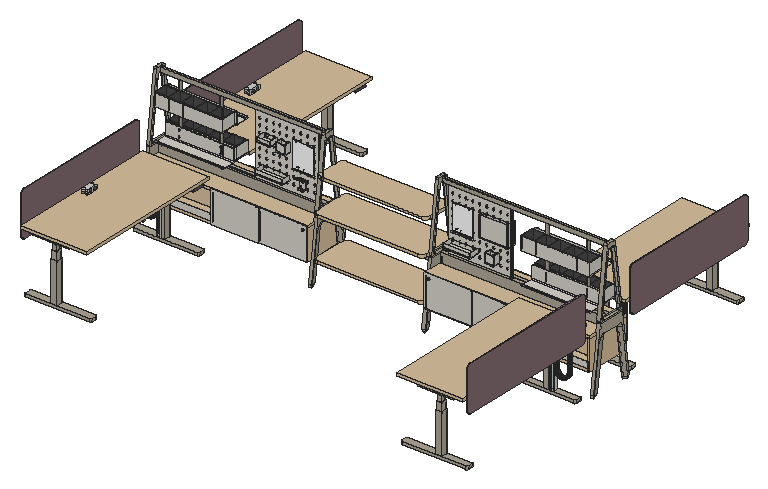
Revit family "Layout-Teknion-Expansion_Cityline_Upper_Structure_01-R2021", category Furniture Systems, Revit 2021 (continued)
Definition of nested family "Worksurface-Teknion-JNXRW_hiSpace_Rectangular_Worksurface_With_Quick_Connect_Kit-R2021"
  Dimensions and locks (in)
    Sweep 13 sketch curve to Sweep 13 sketch curve to Sweep 13 sketch curve to Sweep 13 sketch curve = 0.07087" locked, 1.75276" locked, 0.07087" locked
    plane 6 "Back" to Sweep 13 sketch curve to Sweep 13 sketch curve to Sweep 13 sketch curve to Sweep 13 sketch curve = 2.55472" locked, 0.07087" locked, 1.75276" locked, 0.07087" locked
    locked: Sweep 14 sketch curve to plane 8 "Top" at 5
    "Cut-Out - Diamond Center": Sweep 14 sketch curve to Sweep 14 sketch curve
    Sweep 14 sketch curve to Sweep 14 sketch curve to plane 3 "Center Left/Right" to Sweep 14 sketch curve to Sweep 14 sketch curve = 1.85026" locked, 0.29194" locked, 0.29194" locked, 1.85026" locked  (x2)
    plane 6 "Back" to Sweep 14 sketch curve to Sweep 14 sketch curve to Sweep 14 sketch curve to Sweep 14 sketch curve = 2.47576" locked, 0.52636" locked, 0.9997" locked, 0.52636" locked  (x2)
    locked: Sweep 15 sketch curve to plane 8 "Top" at 5
    "Cut-Out - Diamond Left": Sweep 15 sketch curve to Sweep 15 sketch curve
    plane 6 "Back" to Sweep 15 sketch curve to Sweep 15 sketch curve to Sweep 15 sketch curve to Sweep 15 sketch curve = 2.47576" locked, 0.52636" locked, 0.9997" locked, 0.52636" locked  (x2)
    Sweep 15 sketch curve to Sweep 15 sketch curve to Sweep 15 sketch curve to Sweep 15 sketch curve = 1.85026" locked, 0.58387" locked, 1.85026" locked  (x2)
    Sweep 12 sketch curve to Sweep 12 sketch curve to Sweep 12 sketch curve to Sweep 12 sketch curve = 0.07087" locked, 1.75276" locked, 0.07087" locked
    plane 6 "Back" to Sweep 12 sketch curve to Sweep 12 sketch curve to Sweep 12 sketch curve to Sweep 12 sketch curve = 2.55472" locked, 0.07087" locked, 1.75276" locked, 0.07087" locked
    locked: Sweep 16 sketch curve to plane 8 "Top" at 5
    "Cut-Out - Diamond Right": Sweep 16 sketch curve to Sweep 16 sketch curve
    Sweep 16 sketch curve to Sweep 16 sketch curve to Sweep 16 sketch curve to Sweep 16 sketch curve = 1.85026" locked, 0.58387" locked, 1.85026" locked  (x2)
    plane 6 "Back" to Sweep 16 sketch curve to Sweep 16 sketch curve to Sweep 16 sketch curve to Sweep 16 sketch curve = 2.47576" locked, 0.52636" locked, 0.9997" locked, 0.52636" locked  (x2)
    "Square Cut-Out - Distance": plane 4 "Left" to Sweep 9 sketch curve
    "Square Cut-Out - Distance": plane 4 "Left" to Sweep 13 sketch curve
    "Square Cut-Out - Distance": Sweep 8 sketch curve to plane 5 "Right"
    "Square Cut-Out - Distance": Sweep 12 sketch curve to plane 5 "Right"
    "Diamond Cut-Out - Distance": plane 4 "Left" to Sweep 15 sketch curve
    "Diamond Cut-Out - Distance": Sweep 16 sketch curve to plane 5 "Right"
    equal spacing: Sweep 13, nested 7, Sweep 13, locked at 0.87638 each  (x2)
    equal spacing: Sweep 11, nested 9, Sweep 11, locked at 0.87638 each
    equal spacing: Sweep 12, nested 8, Sweep 12, locked at 0.87638 each  (x2)
    aligned and locked: level to plane 2
    aligned and locked: Sweep 1 sketch curve to plane 3 "Center Left/Right"
    aligned and locked: plane 8 "Top" to Sweep 1 sketch curve
    aligned and locked: plane 11 to Sweep 1 sketch curve
    aligned and locked: plane 6 "Back" to Sweep 1 sketch curve
    aligned and locked: plane 4 "Left" to Sweep 1 sketch curve
    aligned and locked: Sweep 1 sketch curve to plane 7 "Front"
    aligned and locked: Sweep 1 sketch curve to plane 5 "Right"
    aligned and locked: Sweep 2 sketch curve to plane 1 "Center Front/Back"
    aligned and locked: Sweep 2 sketch curve to plane 11
    aligned and locked: plane 11 to Sweep 2 sketch curve
    aligned and locked: Sweep 3 sketch curve to plane 3 "Center Left/Right"
    aligned and locked: plane 11 to Sweep 3 sketch curve
    aligned and locked: Sweep 4 sketch curve to plane 1 "Center Front/Back"
    aligned and locked: Sweep 4 sketch curve to plane 11  (x2)
    aligned and locked: Sweep 3 sketch curve to plane 9
    aligned and locked: plane 10 to Sweep 3 sketch curve
    aligned and locked: plane 1 "Center Front/Back" to Sweep 5 sketch curve
    aligned and locked: Sweep 5 sketch curve to plane 11  (x2)
    aligned and locked: plane 3 "Center Left/Right" to Sweep 6 sketch curve
    aligned and locked: plane 11 to Sweep 6 sketch curve
    aligned and locked: Sweep 6 sketch curve to Sweep 6 sketch curve  (x2)
    aligned and locked: Sweep 7 sketch curve to plane 3 "Center Left/Right"
    aligned and locked: plane 8 "Top" to Sweep 7 sketch curve
    aligned and locked: plane 11 to Sweep 7 sketch curve
    aligned and locked: plane 7 "Front" to Sweep 7 sketch curve
    aligned and locked: Sweep 7 sketch curve to plane 5 "Right"
    aligned and locked: plane 6 "Back" to Sweep 7 sketch curve
    aligned and locked: Sweep 7 sketch curve to plane 4 "Left"
    aligned and locked: Sweep 8 sketch curve to plane 3 "Center Left/Right"
    aligned and locked: Sweep 9 sketch curve to plane 3 "Center Left/Right"
    aligned and locked: Sweep 10 sketch curve to plane 3 "Center Left/Right"
    aligned and locked: Sweep 11 sketch curve to plane 3 "Center Left/Right"
    aligned and locked: plane 8 "Top" to Sweep 11 sketch curve
    aligned and locked: plane 8 "Top" to Sweep 12 sketch curve
    aligned and locked: plane 8 "Top" to Sweep 13 sketch curve
    aligned and locked: Sweep 14 sketch curve to plane 3 "Center Left/Right"
    aligned and locked: Sweep 15 sketch curve to plane 3 "Center Left/Right"
    aligned and locked: plane 4 "Left" to Sweep 13 sketch curve
    aligned and locked: Sweep 12 sketch curve to plane 5 "Right"
    aligned and locked: Sweep 16 sketch curve to plane 3 "Center Left/Right"
    aligned and locked: curve 2 to Sweep 9
    aligned and locked: curve 4 to Sweep 9
    aligned and locked: curve 6 to Sweep 9
    aligned and locked: curve 8 to Sweep 9
    aligned and locked: curve 10 to Sweep 10
    aligned and locked: curve 12 to Sweep 10
    aligned and locked: curve 14 to Sweep 10
    aligned and locked: curve 16 to Sweep 10
    aligned and locked: curve 18 to Sweep 8
    aligned and locked: curve 20 to Sweep 8
    aligned and locked: curve 22 to Sweep 8
    aligned and locked: curve 24 to Sweep 8
    aligned and locked: curve 25 to Sweep 3
    aligned and locked: curve 26 to Sweep 3
    aligned and locked: curve 27 to Sweep 3
    aligned and locked: curve 28 to Sweep 3
    aligned and locked: curve 29 to Sweep 3
    aligned and locked: curve 30 to Sweep 4
    aligned and locked: Sweep 4 to curve 31
    aligned and locked: curve 32 to Sweep 4
    aligned and locked: curve 33 to Sweep 4
    aligned and locked: curve 34 to Sweep 4
    aligned and locked: curve 35 to Sweep 4
    aligned and locked: curve 36 to Sweep 6
    aligned and locked: curve 37 to Sweep 6
    aligned and locked: curve 38 to Sweep 6
    aligned and locked: curve 39 to Sweep 6
    aligned and locked: curve 40 to Sweep 3
    aligned and locked: curve 41 to Sweep 3
    aligned and locked: curve 42 to Sweep 3
    aligned and locked: curve 43 to Sweep 3
    aligned and locked: Sweep 3 to curve 44
    aligned and locked: curve 45 to Sweep 5
    aligned and locked: curve 46 to Sweep 5
    aligned and locked: Sweep 5 to curve 47
    aligned and locked: curve 48 to Sweep 5
    aligned and locked: curve 49 to Sweep 5
    aligned and locked: curve 50 to Sweep 5
    aligned and locked: curve 51 to Sweep 6
    aligned and locked: curve 52 to Sweep 6
    aligned and locked: curve 53 to Sweep 6
    aligned and locked: curve 54 to Sweep 6
    aligned and locked: curve 55 to Sweep 2
    aligned and locked: curve 56 to Sweep 2
    aligned and locked: curve 57 to Sweep 2
    aligned and locked: curve 58 to Sweep 2
    aligned and locked: curve 59 to Sweep 2
    aligned and locked: Sweep 2 to curve 61
    aligned and locked: curve 62 to Sweep 2
    aligned and locked: curve 63 to Sweep 2
    aligned and locked: curve 64 to Sweep 2
    aligned and locked: curve 60 to Sweep 2
    aligned and locked: Masking region 1 sketch curve to cut or joined group of Sweep 1, Sweep 8, Sweep 9, Sweep 10, Sweep 14, Sweep 15, Sweep 16  (x4)
    aligned and locked: Masking region 2 sketch curve to cut or joined group of Sweep 7, Sweep 8, Sweep 9, Sweep 10, Sweep 14, Sweep 15, Sweep 16  (x4)
    aligned and locked: Masking region 3 sketch curve to cut or joined group of Sweep 1, Sweep 8, Sweep 9, Sweep 10, Sweep 14, Sweep 15, Sweep 16  (x4)
    aligned and locked: Masking region 3 sketch curve to Sweep 11  (x4)
    aligned and locked: Masking region 4 sketch curve to cut or joined group of Sweep 7, Sweep 8, Sweep 9, Sweep 10, Sweep 14, Sweep 15, Sweep 16  (x4)
    aligned and locked: Masking region 4 sketch curve to Sweep 11  (x4)
    aligned and locked: Masking region 5 sketch curve to cut or joined group of Sweep 1, Sweep 8, Sweep 9, Sweep 10, Sweep 14, Sweep 15, Sweep 16  (x4)
    aligned and locked: Masking region 5 sketch curve to Sweep 13  (x4)
    aligned and locked: Masking region 6 sketch curve to cut or joined group of Sweep 7, Sweep 8, Sweep 9, Sweep 10, Sweep 14, Sweep 15, Sweep 16  (x4)
    aligned and locked: Masking region 6 sketch curve to Sweep 13  (x4)
    aligned and locked: Masking region 7 sketch curve to cut or joined group of Sweep 1, Sweep 8, Sweep 9, Sweep 10, Sweep 14, Sweep 15, Sweep 16  (x4)
    aligned and locked: Masking region 7 sketch curve to Sweep 12  (x4)
    aligned and locked: Masking region 8 sketch curve to cut or joined group of Sweep 7, Sweep 8, Sweep 9, Sweep 10, Sweep 14, Sweep 15, Sweep 16  (x4)
    aligned and locked: Masking region 8 sketch curve to Sweep 12  (x4)
    aligned and locked: Masking region 9 sketch curve to cut or joined group of Sweep 1, Sweep 8, Sweep 9, Sweep 10, Sweep 14, Sweep 15, Sweep 16  (x4)
    aligned and locked: Masking region 9 sketch curve to Sweep 14  (x4)
    aligned and locked: Masking region 10 sketch curve to cut or joined group of Sweep 7, Sweep 8, Sweep 9, Sweep 10, Sweep 14, Sweep 15, Sweep 16  (x4)
    aligned and locked: Masking region 10 sketch curve to Sweep 14  (x4)
    aligned and locked: Masking region 11 sketch curve to cut or joined group of Sweep 1, Sweep 8, Sweep 9, Sweep 10, Sweep 14, Sweep 15, Sweep 16  (x4)
    aligned and locked: Masking region 11 sketch curve to Sweep 15  (x4)
    aligned and locked: Masking region 12 sketch curve to cut or joined group of Sweep 7, Sweep 8, Sweep 9, Sweep 10, Sweep 14, Sweep 15, Sweep 16  (x4)
    aligned and locked: Masking region 12 sketch curve to Sweep 15  (x4)
    aligned and locked: Masking region 13 sketch curve to cut or joined group of Sweep 1, Sweep 8, Sweep 9, Sweep 10, Sweep 14, Sweep 15, Sweep 16  (x4)
    aligned and locked: Masking region 13 sketch curve to Sweep 16  (x4)
    aligned and locked: Masking region 14 sketch curve to cut or joined group of Sweep 7, Sweep 8, Sweep 9, Sweep 10, Sweep 14, Sweep 15, Sweep 16  (x4)
    aligned and locked: Masking region 14 sketch curve to Sweep 16  (x4)
    aligned and locked: Masking region 15 sketch curve to cut or joined group of Sweep 1, Sweep 8, Sweep 9, Sweep 10, Sweep 14, Sweep 15, Sweep 16  (x4)
    aligned and locked: Masking region 15 sketch curve to Sweep 14  (x4)
    aligned and locked: Masking region 15 sketch curve to Sweep 13  (x4)
    aligned and locked: Masking region 16 sketch curve to cut or joined group of Sweep 7, Sweep 8, Sweep 9, Sweep 10, Sweep 14, Sweep 15, Sweep 16  (x4)
    aligned and locked: Masking region 16 sketch curve to Sweep 13  (x4)
    aligned and locked: Masking region 16 sketch curve to Sweep 14  (x4)
    aligned and locked: Masking region 17 sketch curve to cut or joined group of Sweep 1, Sweep 8, Sweep 9, Sweep 10, Sweep 14, Sweep 15, Sweep 16  (x4)
    aligned and locked: Masking region 17 sketch curve to Sweep 12  (x4)
    aligned and locked: Masking region 17 sketch curve to Sweep 14  (x4)
    aligned and locked: Masking region 18 sketch curve to Masking region 16  (x8)
    aligned and locked: Masking region 18 sketch curve to Masking region 17  (x4)
    aligned and locked: nested 1 to plane 6 "Back"
    aligned and locked: plane 4 "Left" to nested 1
    aligned and locked: plane 4 "Left" to nested 4
    aligned and locked: plane 7 "Front" to nested 4
    aligned and locked: plane 7 "Front" to nested 3
    aligned and locked: nested 3 to plane 5 "Right"
    aligned and locked: nested 2 to plane 5 "Right"
    aligned and locked: nested 2 to plane 6 "Back"
    aligned and locked: plane 3 "Center Left/Right" to nested 6
    aligned and locked: nested 6 to plane 6 "Back"
    aligned and locked: plane 1 "Center Front/Back" to nested 5
    aligned and locked: plane 3 "Center Left/Right" to nested 5
    aligned and locked: plane 3 "Center Left/Right" to nested 9
    aligned and locked: curve 65 to plane 6 "Back"
    aligned and locked: plane 5 "Right" to curve 66
    aligned and locked: plane 7 "Front" to curve 67
    aligned and locked: curve 68 to plane 4 "Left"
  Automatic sketch dimensions
    Sweep 3 sketch curve to Sweep 3 sketch curve = 0.11811"
    Sweep 8 sketch curve to Sweep 8 sketch curve = 0.36063"  (x4)
    Sweep 10 sketch curve to Sweep 10 sketch curve = 0.36063"  (x3)
    Sweep 10 sketch curve to Sweep 10 sketch curve = 0.000"
    Sweep 11 sketch curve to Sweep 11 sketch curve = 0.28976"  (x3)
    Sweep 11 sketch curve to Sweep 11 sketch curve = 0.000"  (x5)
    Sweep 13 sketch curve to Sweep 13 sketch curve = 0.000"  (x4)
    Sweep 13 sketch curve to Sweep 13 sketch curve = 0.28976"  (x4)
    Sweep 12 sketch curve to Sweep 12 sketch curve = 0.000"  (x4)
    Sweep 12 sketch curve to Sweep 12 sketch curve = 0.28976"  (x3)
    Sweep 12 sketch curve to Sweep 12 sketch curve = 1.17323"
    curve 50 to curve 53 = 1.5748"
    Sweep 9 sketch curve to Sweep 9 sketch curve = 0.36063"  (x4)
    Masking region 9 sketch curve to Masking region 9 sketch curve = 0.000"
    Masking region 9 sketch curve to Masking region 9 sketch curve = 0.1422"  (x3)
    Masking region 9 sketch curve to plane 3 "Center Left/Right" = 0.29194"  (x2)
    plane 3 "Center Left/Right" to Masking region 9 sketch curve = 0.29194"  (x2)
    Masking region 10 sketch curve to Masking region 10 sketch curve = 0.000"
    Masking region 10 sketch curve to Masking region 10 sketch curve = 0.1422"  (x3)
    Masking region 10 sketch curve to plane 3 "Center Left/Right" = 0.29194"  (x2)
    plane 3 "Center Left/Right" to Masking region 10 sketch curve = 0.29194"  (x2)
    Masking region 11 sketch curve to Masking region 11 sketch curve = 0.000"
    Masking region 11 sketch curve to Masking region 11 sketch curve = 0.1422"  (x3)
    Masking region 11 sketch curve to Masking region 11 sketch curve = 1.85026"
    Masking region 11 sketch curve to Masking region 11 sketch curve = 0.29194"
    Masking region 11 sketch curve to Masking region 11 sketch curve = 1.70806"
    Masking region 11 sketch curve to Masking region 11 sketch curve = 1.02621"
    Masking region 12 sketch curve to Masking region 12 sketch curve = 0.000"
    Masking region 12 sketch curve to Masking region 12 sketch curve = 0.1422"  (x3)
    Masking region 12 sketch curve to Masking region 12 sketch curve = 1.85026"
    Masking region 12 sketch curve to Masking region 12 sketch curve = 0.29194"
    Masking region 12 sketch curve to Masking region 12 sketch curve = 1.70806"
    Masking region 12 sketch curve to Masking region 12 sketch curve = 1.02621"
    Masking region 13 sketch curve to Masking region 13 sketch curve = 0.000"
    Masking region 13 sketch curve to Masking region 13 sketch curve = 0.1422"  (x3)
    Masking region 13 sketch curve to Masking region 13 sketch curve = 0.29194"
    Masking region 13 sketch curve to plane 6 "Back" = 2.47576"
    Masking region 13 sketch curve to Masking region 13 sketch curve = 1.70806"
    Masking region 13 sketch curve to Masking region 13 sketch curve = 1.02621"
    Masking region 14 sketch curve to Masking region 14 sketch curve = 0.000"
    Masking region 14 sketch curve to Masking region 14 sketch curve = 0.1422"  (x3)
    Masking region 14 sketch curve to Masking region 14 sketch curve = 0.29194"
    Masking region 14 sketch curve to plane 6 "Back" = 2.47576"
    Masking region 14 sketch curve to Masking region 14 sketch curve = 1.70806"
    Masking region 14 sketch curve to Masking region 14 sketch curve = 0.52636"
    Masking region 15 sketch curve to Masking region 15 sketch curve = 0.000"
    Masking region 15 sketch curve to Masking region 15 sketch curve = 0.1422"  (x3)
    Masking region 15 sketch curve to plane 3 "Center Left/Right" = 0.29194"  (x2)
    plane 3 "Center Left/Right" to Masking region 15 sketch curve = 0.29194"  (x2)
    Masking region 16 sketch curve to Masking region 16 sketch curve = 0.000"
    Masking region 16 sketch curve to Masking region 16 sketch curve = 0.1422"  (x3)
    Masking region 16 sketch curve to plane 3 "Center Left/Right" = 0.29194"  (x2)
    plane 3 "Center Left/Right" to Masking region 16 sketch curve = 0.29194"  (x2)
    Masking region 17 sketch curve to Masking region 17 sketch curve = 0.000"
    Masking region 17 sketch curve to Masking region 17 sketch curve = 0.1422"  (x3)
    Masking region 17 sketch curve to plane 3 "Center Left/Right" = 0.29194"  (x2)
    plane 3 "Center Left/Right" to Masking region 17 sketch curve = 0.29194"  (x2)
    Masking region 18 sketch curve to Masking region 18 sketch curve = 0.000"
    Masking region 18 sketch curve to Masking region 18 sketch curve = 0.1422"  (x3)
    Masking region 18 sketch curve to plane 3 "Center Left/Right" = 0.29194"  (x2)
    plane 3 "Center Left/Right" to Masking region 18 sketch curve = 0.29194"  (x2)
  Nested families (in)
    nested 1: "Teknion_2D_Node_Family-R2016" at (-26, 11.5, 0), type "Teknion_2D_Node_Family-R2016"
    nested 2: "Teknion_2D_Node_Family-R2016" at (26, 11.5, 0), type "Teknion_2D_Node_Family-R2016"
    nested 3: "Teknion_2D_Node_Family-R2016" at (26, -11.5, 0), type "Teknion_2D_Node_Family-R2016"
    nested 4: "Teknion_2D_Node_Family-R2016" at (-26, -11.5, 0), type "Teknion_2D_Node_Family-R2016"
    nested 5: "Teknion_2D_Node_Family-R2016" at (0, 0, 0), type "Teknion_2D_Node_Family-R2016"
    nested 6: "Teknion_2D_Node_Family-R2016" at (0, 11.5, 0), type "Teknion_2D_Node_Family-R2016"
    nested 7: "Teknion_2D_Node_Family-R2016" at (-9.49976, 7.99803, 0), visible <- "Node - Cut-Out Left", type "Teknion_2D_Node_Family-R2016"
    nested 8: "Teknion_2D_Node_Family-R2016" at (9.49976, 7.99803, 0), visible <- "Node - Cut-Out Right", type "Teknion_2D_Node_Family-R2016"
    nested 9: "Teknion_2D_Node_Family-R2016" at (0, 7.99803, 0), visible <- "Node - Cut-Out Center", type "Teknion_2D_Node_Family-R2016"
  Definition of nested family "Teknion_2D_Node_Family-R2016"
    Reference planes (in)
      plane 1 "Center (Front/Back)": y = 0
      plane 2: z = 0
      plane 3 "Center (Left/Right)": x = 0
    Lines and regions (in)
      detail lines, in view "Ref. Level"
        curve 1: circle (0, 0, 0) r 1.25 normal (0, 0, 1)
        curve 2: line (1.91508, -1.91508, 0) -> (-1.91508, 1.91508, 0)
        curve 3: line (-1.91508, -1.91508, 0) -> (1.91508, 1.91508, 0)
Definition of nested family "Screen-Teknion-JNSXEH_Infinity_Back_Elevated_Screen_Height_Adjustable_Table_Mounted-R2020"
  Parameters (values of type "18" Modesty Base Height, 42" Datum Height")
    Width [instance] = 82.000"
    Warranty = "http://www.teknion.com/ca/papers/legal-canada"
    Unit Weight URL = "http://www.teknion.com/ca/tools/assets#&asset=bee6a381-b954-425e-8283-5a2de3a804f2,f828d448-4b62-4231-9e5f-9a8991c0ed77"
    URL = "www.teknion.com"
    To render please download texture images found here [instance] = "https://assets.teknion.com/web/5e81352c1dfdb467/revit-material-swatches/"
    Sustainability Data = "https://www.teknion.com/ca/tools/assets#&topic=216f99a5-57a0-44fc-b10a-9dee9b29ae4c&asset=444deb64-fe58-4b68-981e-f75e97781df7,b4ff2d81-9f2e-437d-9659-7cffb09c31cf"
    Series = "Expansion Cityline"  # constant formula
    Screen Height = if(Modesty Base Height = 18.000", 18.250", if(Modesty Base Height = 22.000", 22.350", 22.350"))  # 18.250"
    Screen Finish [instance] = none
    Product Page URL = "https://www.teknion.com/ca/products/product-details?productLineId=9ad2a26e-8e7a-673b-a6c8-ff05004460c4"
    Product Line = "Height-Adjustable Table Screens"  # constant formula
    Product Documentation Link = "https://www.teknion.com/pricing/expansion-cityline/pdfs/JNSXEH_ppg.pdf"
    Part Number = "JNSXEH"  # constant formula
    Modesty Base Height = 18.000"
    Model = "JNSXEH1842_"
    Manufacturer Phone = "416-661-3370"  # constant formula
    Manufacturer Fax = "416.661.4586"  # constant formula
    Manufacturer Contact Information = "http://www.teknion.com/ca/contactus"
    Manufacturer Address = "1150 Flint Road, Toronto, ON. M3J 2J5. Canada"  # constant formula
    Manufacturer = "Teknion"  # constant formula
    How To Use Teknion Materials User Guide [instance] = "https://assets.teknion.com/m/205dd0a49fa58060/original/How-to-add-a-Material-Library-and-Texture-Images-to-your-Revit-project.pdf"
    Hardware Gap [instance] = if(Width = 46.000", 6.000", if(Width = 52.000", 9.500", if(Width = 58.000", 12.000", if(Width = 64.000", 12.000", if(Width = 70.000", 12.000", if(Width = 76.000", 12.000", if(Width = 82.000", 12.000", 12.000")))))))  # 12.000"
    Hardware Finish [instance] = none
    For Additional Finishes please visit [instance] = "https://assets.teknion.com/m/44a8009b046e5d47/original/Teknion_Materials_Library.zip"
    Description = "Infinity Back Elevated Screen - Height-Adjustable Table Mounted -  18\" from Floor Modesty Base Height, 42\"Datum Height"
    Default Elevation = 0.000"
    Datum Height = 42.000"
    Available Width [instance] = "46, 52, 58, 64, 70, 76 & 82 Inch"  # constant formula
    Assembly Code = "E2020200"
  Types (5): name | Screen Height | Modesty Base Height | Model | Description | Datum Height
    (no name) | 18.250" | 18.000" | "JNSXEH1842_" | "Infinity Back Elevated Screen - Height-Adjustable Table Mounted -  18\" from Floor Modesty Base Height, 42\"Datum Height" | 42.000"
    18" Modesty Base Height, 42" Datum Height | 18.250" | 18.000" | "JNSXEH1842_" | "Infinity Back Elevated Screen - Height-Adjustable Table Mounted -  18\" from Floor Modesty Base Height, 42\"Datum Height" | 42.000"
    22" Modesty Base Height, 42" Datum Height | 22.350" | 22.000" | "JNSXEH2242_" | "Infinity Back Elevated Screen - Height-Adjustable Table Mounted -  22\" from Floor Modesty Base Height, 42\"Datum Height" | 42.000"
    18" Modesty Base Height, 51" Datum Height | 18.250" | 18.000" | "JNSXEH1851_" | "Infinity Back Elevated Screen - Height-Adjustable Table Mounted -  18\" from Floor Modesty Base Height, 51\"Datum Height" | 50.830"
    22" Modesty Base Height, 51" Datum Height | 22.350" | 22.000" | "JNSXEH2251_" | "Infinity Back Elevated Screen - Height-Adjustable Table Mounted -  22\" from Floor Modesty Base Height, 51\"Datum Height" | 50.830"
  Reference planes (in)
    plane 1 "Center Front/Back": y = -1.25217
    plane 2: z = 0
    plane 3 "Center Left/Right": x = 40.71496
    plane 4 "Left": x = -0.28504
    plane 5 "Right": x = 81.71496
    plane 6 "Back": y = 0.99606
    plane 7 "Front": y = -3.50039
    plane 8 "Top": z = 42
    plane 9: x = 12.96496
    plane 10: x = 24.96496
    plane 11: x = 68.46496
    plane 12: x = 56.46496
  Forms (in)
    Sweep 1, solid, material <- "Hardware Finish"
      path origin (0, 0, 0) x (1, 0, 0) y (0, 1, 0)
        loop
          line (4.21496, -1.25217) -> (77.21496, -1.25217)
      profile origin (40.71496, -1.25217, 0) x (0, 1, 0) y (0, 0, 1)
        loop
          line (-0.04783, 23.51102) -> (-0.04783, 24.18583) -> (-0.12303, 24.18583) -> (-0.12303, 23.43583) -> (1.75217, 23.43583) -> (1.75217, 27.43583) -> (1.67697, 27.43583) -> (1.67697, 23.51102) -> (-0.04783, 23.51102)
    Sweep 2, solid, material <- "Hardware Finish"
      path origin (0, 0, 0) x (1, 0, 0) y (0, 1, 0)
        loop
          line (40.71496, 0.4248) -> (40.71496, -0.3252)
      profile origin (40.71496, 0.0498, 0) x (1, 0, 0) y (0, 0, 1)
        loop
          line (-36.5, 24.56102) -> (-36.468, 24.56102) -> (-36.468, 27.40383) -> (-35.032, 27.40383) -> (-35.032, 24.56102) -> (-35, 24.56102) -> (-35, 27.43583) -> (-36.5, 27.43583) -> (-36.5, 24.56102)
        loop
          line (36.5, 24.56102) -> (36.5, 27.43583) -> (35, 27.43583) -> (35, 24.56102) -> (35.032, 24.56102) -> (35.032, 27.40383) -> (36.468, 27.40383) -> (36.468, 24.56102) -> (36.5, 24.56102)
    Sweep 3, solid, material <- "Screen Finish"
      path origin (0, 0, 0) x (1, 0, 0) y (0, 1, 0)
        loop
          line (40.71496, 0.87008) -> (40.71496, 0.99606)
      profile origin (40.71496, 0.93307, 0) x (-1, 0, 0) y (0, 0, 1)
        loop
          arc (-39, 42) -> (-40.41421, 41.41421) -> (-41, 40) r 2
          line (-41, 40) -> (-41, 20.25)
          arc (-41, 20.25) -> (-40.41421, 18.83579) -> (-39, 18.25) r 2
          line (-39, 18.25) -> (39, 18.25)
          arc (39, 18.25) -> (40.41421, 18.83579) -> (41, 20.25) r 2
          line (41, 20.25) -> (41, 40)
          arc (41, 40) -> (40.41421, 41.41421) -> (39, 42) r 2
          line (39, 42) -> (-39, 42)
    Sweep 4, solid, material <- "Screen Finish"
      path origin (0, 0, 0) x (1, 0, 0) y (0, 1, 0)
        loop
          line (40.71496, 0.62598) -> (40.71496, 0.5)
      profile origin (40.71496, 0.56299, 0) x (1, 0, 0) y (0, 0, 1)
        loop
          line (39, 42) -> (-39, 42)
          arc (-39, 42) -> (-40.41421, 41.41421) -> (-41, 40) r 2
          line (-41, 40) -> (-41, 20.25)
          arc (-41, 20.25) -> (-40.41421, 18.83579) -> (-39, 18.25) r 2
          line (-39, 18.25) -> (39, 18.25)
          arc (39, 18.25) -> (40.41421, 18.83579) -> (41, 20.25) r 2
          line (41, 20.25) -> (41, 40)
          arc (41, 40) -> (40.41421, 41.41421) -> (39, 42) r 2
    Sweep 5, solid, material <- "Screen Finish"
      path origin (0, 0, 0) x (1, 0, 0) y (0, 1, 0)
        loop
          line (40.71496, 0.87008) -> (40.71496, 0.62598)
      profile origin (40.71496, 0.74803, 0) x (1, 0, 0) y (0, 0, 1)
        loop
          line (39, 40.5) -> (-39, 40.5)
          arc (-39, 40.5) -> (-39.35355, 40.35355) -> (-39.5, 40) r 0.5
          line (-39.5, 40) -> (-39.5, 20.25)
          arc (-39.5, 20.25) -> (-39.35355, 19.89645) -> (-39, 19.75) r 0.5
          line (-39, 19.75) -> (39, 19.75)
          arc (39, 19.75) -> (39.35355, 19.89645) -> (39.5, 20.25) r 0.5
          line (39.5, 20.25) -> (39.5, 40)
          arc (39.5, 40) -> (39.35355, 40.35355) -> (39, 40.5) r 0.5
  Lines and regions (in)
    Masking region 1
      outline origin (0, 0, 0) x (1, 0, 0) y (0, 1, 0)
        loop
          line (-0.28504, 0.62598) -> (-0.28504, 0.5) -> (4.21496, 0.5) -> (4.21496, -1.3752) -> (11.46496, -1.3752) -> (11.46496, -2.1252) -> (12.34016, -3.50039) -> (12.96496, -3.50039) -> (12.96496, -1.3752) -> (23.46496, -1.3752) -> (23.46496, -2.1252) -> (24.34016, -3.50039) -> (24.96496, -3.50039) -> (24.96496, -1.3752) -> (56.46496, -1.3752) -> (56.46496, -3.50039) -> (57.08976, -3.50039) -> (57.96496, -2.1252) -> (57.96496, -1.3752) -> (68.46496, -1.3752) -> (68.46496, -3.50039) -> (69.08976, -3.50039) -> (69.96496, -2.1252) -> (69.96496, -1.3752) -> (77.21496, -1.3752) -> (77.21496, 0.5) -> (81.71496, 0.5) -> (81.71496, 0.62598) -> (80.21496, 0.62598) -> (80.21496, 0.87008) -> (81.71496, 0.87008) -> (81.71496, 0.99606) -> (-0.28504, 0.99606) -> (-0.28504, 0.87008) -> (1.21496, 0.87008) -> (1.21496, 0.62598) -> (-0.28504, 0.62598)
    symbolic lines
      curve 1: line (81.71496, 0.87008, 0) -> (-0.28504, 0.87008, 0)
      curve 2: line (-0.28504, 0.62598, 0) -> (81.71496, 0.62598, 0)
      curve 3: line (-0.28504, 0.5, 0) -> (81.71496, 0.5, 0)
      curve 4: line (12.96496, -3.50039, 0) -> (12.96496, 0.4248, 0)
      curve 5: line (11.46496, -2.1252, 0) -> (11.46496, -0.5752, 0)
      curve 6: line (4.24696, 0.4248, 0) -> (77.18296, 0.4248, 0)
      curve 7: line (10.71496, 0.4248, 0) -> (10.71496, -0.5752, 0)
      curve 8: line (11.46496, -0.5752, 0) -> (10.71496, -0.5752, 0)
      curve 9: line (23.46496, -2.1252, 0) -> (23.46496, -0.5752, 0)
      curve 10: line (24.96496, -3.50039, 0) -> (24.96496, 0.4248, 0)
      curve 11: line (23.46496, -0.5752, 0) -> (22.71496, -0.5752, 0)
      curve 12: line (22.71496, 0.4248, 0) -> (22.71496, -0.5752, 0)
      curve 13: line (56.46496, -3.50039, 0) -> (56.46496, 0.4248, 0)
      curve 14: line (57.96496, -2.1252, 0) -> (57.96496, -0.5752, 0)
      curve 15: line (57.96496, -0.5752, 0) -> (58.71496, -0.5752, 0)
      curve 16: line (58.71496, 0.4248, 0) -> (58.71496, -0.5752, 0)
      curve 17: line (68.46496, -3.50039, 0) -> (68.46496, 0.4248, 0)
      curve 18: line (69.96496, -2.1252, 0) -> (69.96496, -0.5752, 0)
      curve 19: line (69.96496, -0.5752, 0) -> (70.71496, -0.5752, 0)
      curve 20: line (70.71496, 0.4248, 0) -> (70.71496, -0.5752, 0)
      curve 21: line (69.96496, -1.3, 0) -> (77.21496, -1.3, 0)
      curve 22: line (57.96496, -1.3, 0) -> (68.46496, -1.3, 0)
      curve 23: line (24.96496, -1.3, 0) -> (56.46496, -1.3, 0)
      curve 24: line (12.96496, -1.3, 0) -> (23.46496, -1.3, 0)
      curve 25: line (4.21496, -1.3, 0) -> (11.46496, -1.3, 0)
      curve 26: line (75.71496, 0.4248, 0) -> (75.71496, -0.3252, 0)
      curve 27: line (77.18296, -0.3252, 0) -> (75.71496, -0.3252, 0)
      curve 28: line (5.71496, -0.3252, 0) -> (5.71496, 0.4248, 0)
      curve 29: line (5.71496, -0.3252, 0) -> (4.24696, -0.3252, 0)
    symbolic lines, detail levels medium+fine
      curve 30: line (4.24696, -0.3252, 0) -> (4.24696, 0.4248, 0)
      curve 31: line (5.68296, 0.4248, 0) -> (5.68296, -0.3252, 0)
      curve 32: line (75.74696, -0.3252, 0) -> (75.74696, 0.4248, 0)
      curve 33: line (77.18296, 0.4248, 0) -> (77.18296, -0.3252, 0)
      curve 34: line (68.46496, -1.3, 0) -> (69.96496, -1.3, 0)
      curve 35: line (56.46496, -1.3, 0) -> (57.96496, -1.3, 0)
      curve 36: line (23.46496, -1.3, 0) -> (24.96496, -1.3, 0)
      curve 37: line (11.46496, -1.3, 0) -> (12.96496, -1.3, 0)
      curve 38: line (68.57008, -3.50039, 0) -> (68.57008, 0.31969, 0)
      curve 39: line (70.60984, 0.31969, 0) -> (68.57008, 0.31969, 0)
      curve 40: line (70.60984, 0.31969, 0) -> (70.60984, -0.5752, 0)
      curve 41: line (70.71496, 0.1748, 0) -> (70.60984, 0.1748, 0)
      curve 42: line (68.57008, 0.1748, 0) -> (68.46496, 0.1748, 0)
      curve 43: line (58.60984, 0.31969, 0) -> (56.57008, 0.31969, 0)
      curve 44: line (58.60984, 0.31969, 0) -> (58.60984, -0.5752, 0)
      curve 45: line (58.71496, 0.1748, 0) -> (58.60984, 0.1748, 0)
      curve 46: line (56.57008, -3.50039, 0) -> (56.57008, 0.31969, 0)
      curve 47: line (56.57008, 0.1748, 0) -> (56.46496, 0.1748, 0)
      curve 48: line (22.82008, 0.31969, 0) -> (22.82008, -0.5752, 0)
      curve 49: line (22.82008, 0.31969, 0) -> (24.85984, 0.31969, 0)
      curve 50: line (24.85984, -3.50039, 0) -> (24.85984, 0.31969, 0)
      curve 51: line (24.96496, 0.1748, 0) -> (24.85984, 0.1748, 0)
      curve 52: line (22.82008, 0.1748, 0) -> (22.71496, 0.1748, 0)
      curve 53: line (12.85984, -3.50039, 0) -> (12.85984, 0.31969, 0)
      curve 54: line (10.82008, 0.31969, 0) -> (10.82008, -0.5752, 0)
      curve 55: line (10.82008, 0.31969, 0) -> (12.85984, 0.31969, 0)
      curve 56: line (12.96496, 0.1748, 0) -> (12.85984, 0.1748, 0)
      curve 57: line (10.82008, 0.1748, 0) -> (10.71496, 0.1748, 0)
      curve 58: line (11.46496, -1.3752, 0) -> (12.96496, -1.3752, 0)
      curve 59: line (23.46496, -1.3752, 0) -> (24.96496, -1.3752, 0)
      curve 60: line (56.46496, -1.3752, 0) -> (57.96496, -1.3752, 0)
      curve 61: line (68.46496, -1.3752, 0) -> (69.96496, -1.3752, 0)
    reference lines
      curve 62: line (-0.28504, 0.99606, 0) -> (-0.28504, -3.50039, 0)
      curve 63: line (-0.28504, -3.50039, 0) -> (81.71496, -3.50039, 0)
      curve 64: line (81.71496, -3.50039, 0) -> (81.71496, 0.99606, 0)
      curve 65: line (81.71496, 0.99606, 0) -> (-0.28504, 0.99606, 0)
  Dimensions and locks (in)
    "Width": plane 4 "Left" to plane 5 "Right"
    locked: plane 6 "Back" to plane 7 "Front" at 4.49646
    equal spacing: plane 6 "Back", plane 1 "Center Front/Back", plane 7 "Front"
    equal spacing: plane 4 "Left", plane 3 "Center Left/Right", plane 5 "Right"
    Sweep 1 sketch curve to Sweep 1 sketch curve to Sweep 1 sketch curve to Sweep 1 sketch curve to plane 2 = 3.250" locked, 0.6748" locked, 0.0752" locked, 23.43583" locked
    plane 6 "Back" to Sweep 1 sketch curve to Sweep 1 sketch curve to Sweep 1 sketch curve to Sweep 1 sketch curve = 0.49606" locked, 0.0752" locked, 1.7248" locked, 0.0752" locked
    plane 6 "Back" to Sweep 2 sketch curve to Sweep 2 sketch curve = 0.57126" locked, 0.750" locked
    Sweep 2 sketch curve to Sweep 2 sketch curve to Sweep 2 sketch curve to plane 2 = 0.032" locked, 2.8428" locked, 24.56102" locked  (x2)
    Sweep 2 sketch curve to Sweep 2 sketch curve to Sweep 2 sketch curve to Sweep 2 sketch curve to plane 4 "Left" = 0.032" locked, 1.436" locked, 0.032" locked, 4.500" locked
    Sweep 2 sketch curve to Sweep 2 sketch curve to Sweep 2 sketch curve to Sweep 2 sketch curve to plane 5 "Right" = 0.032" locked, 1.436" locked, 0.032" locked, 4.500" locked
    locked: plane 6 "Back" to Sweep 3 sketch curve at 0.12598
    locked: Sweep 3 sketch curve to plane 4 "Left" at 2  (x2)
    locked: Sweep 3 sketch curve to plane 5 "Right" at 2  (x2)
    locked: Sweep 3 sketch curve to Sweep 3 sketch curve at 2  (x4)
    "Screen Height": Sweep 3 sketch curve to plane 2
    plane 6 "Back" to Sweep 4 sketch curve to Sweep 4 sketch curve = 0.37008" locked, 0.12598" locked
    locked: Sweep 5 sketch curve to plane 4 "Left" at 1.5
    locked: Sweep 5 sketch curve to plane 5 "Right" at 1.5
    locked: Sweep 5 sketch curve to Sweep 4 at 1.5
    locked: Sweep 4 to Sweep 5 sketch curve at 1.5
    "Datum Height": plane 8 "Top" to plane 2
    locked: nested 1 to plane 2 at 27.81102
    locked: nested 2 to plane 2 at 27.81102
    locked: nested 3 to plane 2 at 27.81102
    locked: nested 4 to plane 2 at 27.81102
    locked: plane 4 "Left" to Sweep 1 sketch curve at 4.5
    locked: Sweep 1 sketch curve to plane 5 "Right" at 4.5
    locked: plane 4 "Left" to plane 9 at 13.25
    locked: plane 11 to plane 5 "Right" at 13.25
    "Hardware Gap": plane 12 to plane 11
    "Hardware Gap": plane 9 to plane 10
    locked: plane 6 "Back" to nested 5 at 1
    locked: plane 6 "Back" to nested 6 at 1
    locked: plane 6 "Back" to nested 7 at 1
    aligned and locked: level to plane 2
    aligned and locked: plane 9 to nested 1
    aligned and locked: plane 7 "Front" to nested 1
    aligned and locked: plane 7 "Front" to nested 2
    aligned and locked: plane 10 to nested 2
    aligned and locked: nested 3 to plane 12
    aligned and locked: nested 3 to plane 7 "Front"
    aligned and locked: nested 4 to plane 7 "Front"
    aligned and locked: nested 4 to plane 11
    aligned and locked: plane 1 "Center Front/Back" to Sweep 1 sketch curve
    aligned and locked: Sweep 2 sketch curve to plane 3 "Center Left/Right"
    aligned and locked: Sweep 2 sketch curve to Sweep 2 sketch curve  (x2)
    aligned and locked: plane 6 "Back" to Sweep 3 sketch curve
    aligned and locked: plane 3 "Center Left/Right" to Sweep 3 sketch curve
    aligned and locked: Sweep 3 sketch curve to plane 4 "Left"
    aligned and locked: Sweep 3 sketch curve to plane 5 "Right"
    aligned and locked: Sweep 4 sketch curve to plane 3 "Center Left/Right"
    aligned and locked: Sweep 4 sketch curve to Sweep 3  (x4)
    aligned and locked: Sweep 5 sketch curve to plane 3 "Center Left/Right"
    aligned and locked: Sweep 3 to Sweep 5 sketch curve
    aligned and locked: Sweep 4 to Sweep 5 sketch curve
    aligned and locked: plane 8 "Top" to Sweep 3 sketch curve
    aligned and locked: Masking region 1 sketch curve to Sweep 4  (x2)
    aligned and locked: Masking region 1 sketch curve to plane 4 "Left"  (x2)
    aligned and locked: Sweep 3 to Masking region 1 sketch curve
    aligned and locked: Masking region 1 sketch curve to Sweep 3  (x2)
    aligned and locked: Masking region 1 sketch curve to plane 5 "Right"
    aligned and locked: Masking region 1 sketch curve to Sweep 5  (x2)
    aligned and locked: Sweep 4 to Masking region 1 sketch curve  (x2)
    aligned and locked: plane 5 "Right" to Masking region 1 sketch curve
    aligned and locked: Masking region 1 sketch curve to Sweep 1  (x3)
    aligned and locked: Sweep 1 to Masking region 1 sketch curve  (x4)
    aligned and locked: Masking region 1 sketch curve to nested 4  (x4)
    aligned and locked: Masking region 1 sketch curve to nested 3  (x4)
    aligned and locked: Masking region 1 sketch curve to nested 2  (x4)
    aligned and locked: Masking region 1 sketch curve to nested 1  (x4)
    aligned and locked: curve 1 to Sweep 3
    aligned and locked: curve 2 to Sweep 4
    aligned and locked: curve 3 to Sweep 4
    aligned and locked: curve 4 to nested 1
    aligned and locked: curve 5 to nested 1
    aligned and locked: Sweep 1 to curve 6
    aligned and locked: curve 7 to nested 1
    aligned and locked: curve 8 to nested 1
    aligned and locked: curve 9 to nested 2
    aligned and locked: curve 10 to nested 2
    aligned and locked: curve 11 to nested 2
    aligned and locked: curve 12 to nested 2
    aligned and locked: curve 13 to nested 3
    aligned and locked: curve 14 to nested 3
    aligned and locked: curve 15 to nested 3
    aligned and locked: curve 16 to nested 3
    aligned and locked: curve 17 to nested 4
    aligned and locked: curve 18 to nested 4
    aligned and locked: curve 19 to nested 4
    aligned and locked: curve 20 to nested 4
    aligned and locked: curve 21 to Sweep 1
    aligned and locked: curve 25 to Sweep 1
    aligned and locked: curve 24 to Sweep 1
    aligned and locked: curve 23 to Sweep 1
    aligned and locked: curve 22 to Sweep 1
    aligned and locked: curve 26 to Sweep 2
    aligned and locked: curve 27 to Sweep 2
    aligned and locked: curve 28 to Sweep 2
    aligned and locked: curve 29 to Sweep 2
    aligned and locked: curve 30 to Sweep 2
    aligned and locked: curve 31 to Sweep 2
    aligned and locked: curve 32 to Sweep 2
    aligned and locked: curve 33 to Sweep 2
    aligned and locked: curve 37 to Sweep 1
    aligned and locked: curve 36 to Sweep 1
    aligned and locked: curve 35 to Sweep 1
    aligned and locked: curve 34 to Sweep 1
    aligned and locked: curve 38 to nested 4
    aligned and locked: curve 39 to nested 4
    aligned and locked: curve 40 to nested 4
    aligned and locked: curve 41 to nested 4
    aligned and locked: curve 42 to nested 4
    aligned and locked: curve 43 to nested 3
    aligned and locked: curve 44 to nested 3
    aligned and locked: curve 45 to nested 3
    aligned and locked: curve 46 to nested 3
    aligned and locked: curve 47 to nested 3
    aligned and locked: curve 48 to nested 2
    aligned and locked: curve 49 to nested 2
    aligned and locked: curve 50 to nested 2
    aligned and locked: curve 51 to nested 2
    aligned and locked: curve 52 to nested 2
    aligned and locked: curve 53 to nested 1
    aligned and locked: curve 54 to nested 1
    aligned and locked: curve 55 to nested 1
    aligned and locked: curve 56 to nested 1
    aligned and locked: curve 57 to nested 1
    aligned and locked: Sweep 1 to curve 61
    aligned and locked: Sweep 1 to curve 60
    aligned and locked: Sweep 1 to curve 59
    aligned and locked: Sweep 1 to curve 58
    aligned and locked: curve 62 to plane 4 "Left"
    aligned and locked: plane 7 "Front" to curve 63
    aligned and locked: plane 6 "Back" to curve 65
    aligned and locked: curve 64 to plane 5 "Right"
    aligned and locked: plane 4 "Left" to nested 7
    aligned and locked: plane 3 "Center Left/Right" to nested 6
    aligned and locked: nested 5 to plane 5 "Right"
  Automatic sketch dimensions
    Sweep 5 sketch curve to Sweep 5 sketch curve = 0.500"  (x3)
    Sweep 5 sketch curve to Sweep 5 sketch curve = 0.000"
    curve 2 to plane 4 "Left" = 0.000"
    curve 1 to plane 4 "Left" = 0.000"
    curve 3 to plane 4 "Left" = 0.000"
    curve 2 to plane 5 "Right" = 0.000"
    curve 1 to plane 5 "Right" = 0.000"
    curve 3 to plane 5 "Right" = 0.000"
    plane 7 "Front" to curve 46 = 0.000"
    plane 7 "Front" to curve 17 = 0.000"
    plane 7 "Front" to curve 10 = 0.000"
    plane 7 "Front" to curve 50 = 0.000"
    plane 7 "Front" to curve 13 = 0.000"
    plane 7 "Front" to curve 53 = 0.000"
    plane 7 "Front" to curve 4 = 0.000"
    plane 7 "Front" to curve 38 = 0.000"
    curve 25 to curve 29 = 0.032"
    curve 27 to curve 21 = 0.032"
    curve 18 to curve 61 = 0.750"
    curve 9 to curve 59 = 0.750"
    curve 5 to curve 58 = 0.750"
    curve 14 to curve 60 = 0.750"
    curve 26 to curve 32 = 0.000"
  Nested families (in)
    nested 1: "Hardware Screen Cityline" at (0, 0, 0), Hardware Finish <- "Hardware Finish", type "Hardware Screen Cityline"
      with To render please download texture images found here "https://assets.teknion.com/web/5e81352c1dfdb467/revit-material-swatches/", How To Use Teknion Materials User Guide "https://assets.teknion.com/m/205dd0a49fa58060/original/How-to-add-a-Material-Library-and-Texture-Images-to-your-Revit-project.pdf", Hardware Finish none, For Additional Finishes please visit "https://assets.teknion.com/m/44a8009b046e5d47/original/Teknion_Materials_Library.zip"
    nested 2: "Hardware Screen Cityline" at (12, 0, 0), Hardware Finish <- "Hardware Finish", type "Hardware Screen Cityline"
      with To render please download texture images found here "https://assets.teknion.com/web/5e81352c1dfdb467/revit-material-swatches/", How To Use Teknion Materials User Guide "https://assets.teknion.com/m/205dd0a49fa58060/original/How-to-add-a-Material-Library-and-Texture-Images-to-your-Revit-project.pdf", Hardware Finish none, For Additional Finishes please visit "https://assets.teknion.com/m/44a8009b046e5d47/original/Teknion_Materials_Library.zip"
    nested 3: "Hardware Screen Cityline" at (69.42992, 0, 0) x (-1, 0, 0) z (0, 0, 1), Hardware Finish <- "Hardware Finish", type "Hardware Screen Cityline"
      with To render please download texture images found here "https://assets.teknion.com/web/5e81352c1dfdb467/revit-material-swatches/", How To Use Teknion Materials User Guide "https://assets.teknion.com/m/205dd0a49fa58060/original/How-to-add-a-Material-Library-and-Texture-Images-to-your-Revit-project.pdf", Hardware Finish none, For Additional Finishes please visit "https://assets.teknion.com/m/44a8009b046e5d47/original/Teknion_Materials_Library.zip"
    nested 4: "Hardware Screen Cityline" at (81.42992, 0, 0) x (-1, 0, 0) z (0, 0, 1), Hardware Finish <- "Hardware Finish", type "Hardware Screen Cityline"
      with To render please download texture images found here "https://assets.teknion.com/web/5e81352c1dfdb467/revit-material-swatches/", How To Use Teknion Materials User Guide "https://assets.teknion.com/m/205dd0a49fa58060/original/How-to-add-a-Material-Library-and-Texture-Images-to-your-Revit-project.pdf", Hardware Finish none, For Additional Finishes please visit "https://assets.teknion.com/m/44a8009b046e5d47/original/Teknion_Materials_Library.zip"
    nested 5: "Teknion_2D_Node_Family-R2016" at (81.71496, -0.00394, 0), type "Teknion_2D_Node_Family-R2016"
    nested 6: "Teknion_2D_Node_Family-R2016" at (40.71496, -0.00394, 0), type "Teknion_2D_Node_Family-R2016"
    nested 7: "Teknion_2D_Node_Family-R2016" at (-0.28504, -0.00394, 0), type "Teknion_2D_Node_Family-R2016"
  Definition of nested family "Hardware Screen Cityline"
    Parameters (values of type "Hardware Screen Cityline")
      Warranty = "http://www.teknion.com/ca/papers/legal-canada"
      Unit Weight URL = "http://www.teknion.com/ca/tools/assets#&asset=bee6a381-b954-425e-8283-5a2de3a804f2,f828d448-4b62-4231-9e5f-9a8991c0ed77"
      URL = "www.teknion.com"
      To render please download texture images found here [instance] = "https://assets.teknion.com/web/5e81352c1dfdb467/revit-material-swatches/"
      Sustainability Data = "https://www.teknion.com/ca/tools/assets#&topic=216f99a5-57a0-44fc-b10a-9dee9b29ae4c&asset=444deb64-fe58-4b68-981e-f75e97781df7,b4ff2d81-9f2e-437d-9659-7cffb09c31cf"
      Part Number = ""
      Model = "1"
      Manufacturer Phone = "416-661-3370"  # constant formula
      Manufacturer Fax = "416.661.4586"  # constant formula
      Manufacturer Contact Information = "http://www.teknion.com/ca/contactus"
      Manufacturer Address = "1150 Flint Road, Toronto, ON. M3J 2J5. Canada"  # constant formula
      Manufacturer = "Teknion"  # constant formula
      How To Use Teknion Materials User Guide [instance] = "https://assets.teknion.com/m/205dd0a49fa58060/original/How-to-add-a-Material-Library-and-Texture-Images-to-your-Revit-project.pdf"
      Hardware Finish [instance] = none
      For Additional Finishes please visit [instance] = "https://assets.teknion.com/m/44a8009b046e5d47/original/Teknion_Materials_Library.zip"
      Description = "Hardware Screen Cityline"
      Default Elevation = 0.000"
      Assembly Code = "E2020200"
    Reference planes (in)
      plane 1 "Center Front/Back": y = -1.5378
      plane 2: z = 0
      plane 3 "Center Left/Right": x = 11.83996
      plane 4 "Left": x = 10.71496
      plane 5 "Right": x = 12.96496
      plane 6 "Back": y = 0.4248
      plane 7 "Front": y = -3.50039
      plane 8 "Top": z = 27.81102
    Forms (in)
      Sweep 1, solid, material <- "Hardware Finish"
        path origin (0, -1.5378, 0) x (1, 0, 0) y (0, 0, 1)
          loop
            line (11.83996, 27.81102) -> (11.83996, 24.56102)
        profile origin (11.83996, -1.5378, 26.18602) x (0, -1, 0) y (1, 0, 0)
          loop
            line (-1.9626, -1.125) -> (1.9626, -1.125) -> (1.9626, 1.125) -> (-1.9626, 1.125) -> (-1.9626, -1.125)
      Sweep 2, void
        path origin (0, 0, 0) x (1, 0, 0) y (0, 1, 0)
          loop
            line (10.71496, -1.5378) -> (12.96496, -1.5378)
        profile origin (11.83996, -1.5378, 0) x (0, 1, 0) y (0, 0, 1)
          loop
            line (1.7126, 24.56102) -> (-1.9626, 27.56102) -> (-1.9626, 24.56102) -> (1.7126, 24.56102)
      Sweep 3, void
        path origin (0, -1.5378, 0) x (1, 0, 0) y (0, 0, 1)
          loop
            line (11.83996, 27.81102) -> (11.83996, 24.56102)
        profile origin (11.83996, -1.5378, 26.18602) x (0, -1, 0) y (1, 0, 0)
          loop
            line (-0.9626, -1.125) -> (1.9626, -1.125) -> (1.9626, 0.5002) -> (0.5874, -0.375) -> (-0.9626, -0.375) -> (-0.9626, -1.125)
      Sweep 4, void
        path origin (0, 0, 0) x (1, 0, 0) y (0, 1, 0)
          loop
            line (11.83996, 0.31969) -> (11.83996, -3.50039)
        profile origin (11.83996, -1.59035, 0) x (1, 0, 0) y (0, 0, 1)
          loop
            line (-1.01988, 27.70591) -> (-1.01988, 24.56102) -> (1.01988, 24.56102) -> (1.01988, 27.70591) -> (-1.01988, 27.70591)
    Cuts and joins
      Sweep 2, Sweep 3, Sweep 4 cuts Sweep 1
    Dimensions and locks (in)
      plane 4 "Left" to plane 5 "Right" = 2.250"
      plane 6 "Back" to plane 7 "Front" = 3.9252"
      locked: plane 8 "Top" to level at 27.81102
      equal spacing: plane 6 "Back", plane 1 "Center Front/Back", plane 7 "Front"
      equal spacing: plane 4 "Left", plane 3 "Center Left/Right", plane 5 "Right"
      locked: plane 8 "Top" to Sweep 1 sketch curve at 3.25
      locked: plane 8 "Top" to Sweep 2 sketch curve at 0.25
      locked: plane 6 "Back" to Sweep 2 sketch curve at 0.25
      plane 7 "Front" to Sweep 3 sketch curve to Sweep 3 sketch curve = 1.3752" locked, 1.550" locked
      plane 4 "Left" to Sweep 3 sketch curve to Sweep 3 sketch curve = 0.750" locked, 0.8752" locked
      locked: plane 6 "Back" to Sweep 4 sketch curve at 0.10512
      locked: Sweep 4 sketch curve to plane 4 "Left" at 0.10512
      locked: Sweep 4 sketch curve to plane 5 "Right" at 0.10512
      locked: plane 8 "Top" to Sweep 4 sketch curve at 0.10512
      aligned and locked: level to plane 2
      aligned and locked: Sweep 1 sketch curve to plane 3 "Center Left/Right"
      aligned and locked: plane 8 "Top" to Sweep 1 sketch curve
      aligned and locked: Sweep 1 sketch curve to plane 6 "Back"
      aligned and locked: Sweep 1 sketch curve to plane 7 "Front"
      aligned and locked: Sweep 1 sketch curve to plane 4 "Left"
      aligned and locked: Sweep 1 sketch curve to plane 5 "Right"
      aligned and locked: Sweep 2 sketch curve to plane 1 "Center Front/Back"
      aligned and locked: plane 4 "Left" to Sweep 2 sketch curve
      aligned and locked: plane 5 "Right" to Sweep 2 sketch curve
      aligned and locked: Sweep 2 sketch curve to Sweep 1
      aligned and locked: Sweep 1 to Sweep 2 sketch curve
      aligned and locked: cut or joined group of Sweep 1, Sweep 2, Sweep 3, Sweep 4 to Sweep 3 sketch curve
      aligned and locked: Sweep 3 sketch curve to plane 3 "Center Left/Right"
      aligned and locked: plane 8 "Top" to Sweep 3 sketch curve
      aligned and locked: Sweep 3 sketch curve to plane 7 "Front"
      aligned and locked: plane 4 "Left" to Sweep 3 sketch curve
      aligned and locked: plane 7 "Front" to Sweep 4 sketch curve
      aligned and locked: Sweep 4 sketch curve to plane 3 "Center Left/Right"
      aligned and locked: Sweep 4 sketch curve to cut or joined group of Sweep 1, Sweep 2, Sweep 3, Sweep 4
  Definition of nested family "Teknion_2D_Node_Family-R2016"
    Reference planes (in)
      plane 1 "Center (Front/Back)": y = 0
      plane 2: z = 0
      plane 3 "Center (Left/Right)": x = 0
    Lines and regions (in)
      detail lines, in view "Ref. Level"
        curve 1: circle (0, 0, 0) r 1.25 normal (0, 0, 1)
        curve 2: line (1.91508, -1.91508, 0) -> (-1.91508, 1.91508, 0)
        curve 3: line (-1.91508, -1.91508, 0) -> (1.91508, 1.91508, 0)
Definition of nested family "Hardware Screen Cityline"
  Parameters (values of type "Hardware Screen Cityline")
    Warranty = "http://www.teknion.com/ca/papers/legal-canada"
    Unit Weight URL = "http://www.teknion.com/ca/tools/assets#&asset=bee6a381-b954-425e-8283-5a2de3a804f2,f828d448-4b62-4231-9e5f-9a8991c0ed77"
    URL = "www.teknion.com"
    To render please download texture images found here [instance] = "https://assets.teknion.com/web/5e81352c1dfdb467/revit-material-swatches/"
    Sustainability Data = "https://www.teknion.com/ca/tools/assets#&topic=216f99a5-57a0-44fc-b10a-9dee9b29ae4c&asset=444deb64-fe58-4b68-981e-f75e97781df7,b4ff2d81-9f2e-437d-9659-7cffb09c31cf"
    Part Number = ""
    Model = "1"
    Manufacturer Phone = "416-661-3370"  # constant formula
    Manufacturer Fax = "416.661.4586"  # constant formula
    Manufacturer Contact Information = "http://www.teknion.com/ca/contactus"
    Manufacturer Address = "1150 Flint Road, Toronto, ON. M3J 2J5. Canada"  # constant formula
    Manufacturer = "Teknion"  # constant formula
    How To Use Teknion Materials User Guide [instance] = "https://assets.teknion.com/m/205dd0a49fa58060/original/How-to-add-a-Material-Library-and-Texture-Images-to-your-Revit-project.pdf"
    Hardware Finish [instance] = none
    For Additional Finishes please visit [instance] = "https://assets.teknion.com/m/44a8009b046e5d47/original/Teknion_Materials_Library.zip"
    Description = "Hardware Screen Cityline"
    Default Elevation = 0.000"
    Assembly Code = "E2020200"
  Reference planes (in)
    plane 1 "Center Front/Back": y = -1.5378
    plane 2: z = 0
    plane 3 "Center Left/Right": x = 11.83996
    plane 4 "Left": x = 10.71496
    plane 5 "Right": x = 12.96496
    plane 6 "Back": y = 0.4248
    plane 7 "Front": y = -3.50039
    plane 8 "Top": z = 27.81102
  Forms (in)
    Sweep 1, solid, material <- "Hardware Finish"
      path origin (0, -1.5378, 0) x (1, 0, 0) y (0, 0, 1)
        loop
          line (11.83996, 27.81102) -> (11.83996, 24.56102)
      profile origin (11.83996, -1.5378, 26.18602) x (0, -1, 0) y (1, 0, 0)
        loop
          line (-1.9626, -1.125) -> (1.9626, -1.125) -> (1.9626, 1.125) -> (-1.9626, 1.125) -> (-1.9626, -1.125)
    Sweep 2, void
      path origin (0, 0, 0) x (1, 0, 0) y (0, 1, 0)
        loop
          line (10.71496, -1.5378) -> (12.96496, -1.5378)
      profile origin (11.83996, -1.5378, 0) x (0, 1, 0) y (0, 0, 1)
        loop
          line (1.7126, 24.56102) -> (-1.9626, 27.56102) -> (-1.9626, 24.56102) -> (1.7126, 24.56102)
    Sweep 3, void
      path origin (0, -1.5378, 0) x (1, 0, 0) y (0, 0, 1)
        loop
          line (11.83996, 27.81102) -> (11.83996, 24.56102)
      profile origin (11.83996, -1.5378, 26.18602) x (0, -1, 0) y (1, 0, 0)
        loop
          line (-0.9626, -1.125) -> (1.9626, -1.125) -> (1.9626, 0.5002) -> (0.5874, -0.375) -> (-0.9626, -0.375) -> (-0.9626, -1.125)
    Sweep 4, void
      path origin (0, 0, 0) x (1, 0, 0) y (0, 1, 0)
        loop
          line (11.83996, 0.31969) -> (11.83996, -3.50039)
      profile origin (11.83996, -1.59035, 0) x (1, 0, 0) y (0, 0, 1)
        loop
          line (-1.01988, 27.70591) -> (-1.01988, 24.56102) -> (1.01988, 24.56102) -> (1.01988, 27.70591) -> (-1.01988, 27.70591)
  Cuts and joins
    Sweep 2, Sweep 3, Sweep 4 cuts Sweep 1
  Dimensions and locks (in)
    plane 4 "Left" to plane 5 "Right" = 2.250"
    plane 6 "Back" to plane 7 "Front" = 3.9252"
    locked: plane 8 "Top" to level at 27.81102
    equal spacing: plane 6 "Back", plane 1 "Center Front/Back", plane 7 "Front"
    equal spacing: plane 4 "Left", plane 3 "Center Left/Right", plane 5 "Right"
    locked: plane 8 "Top" to Sweep 1 sketch curve at 3.25
    locked: plane 8 "Top" to Sweep 2 sketch curve at 0.25
    locked: plane 6 "Back" to Sweep 2 sketch curve at 0.25
    plane 7 "Front" to Sweep 3 sketch curve to Sweep 3 sketch curve = 1.3752" locked, 1.550" locked
    plane 4 "Left" to Sweep 3 sketch curve to Sweep 3 sketch curve = 0.750" locked, 0.8752" locked
    locked: plane 6 "Back" to Sweep 4 sketch curve at 0.10512
    locked: Sweep 4 sketch curve to plane 4 "Left" at 0.10512
    locked: Sweep 4 sketch curve to plane 5 "Right" at 0.10512
    locked: plane 8 "Top" to Sweep 4 sketch curve at 0.10512
    aligned and locked: level to plane 2
    aligned and locked: Sweep 1 sketch curve to plane 3 "Center Left/Right"
    aligned and locked: plane 8 "Top" to Sweep 1 sketch curve
    aligned and locked: Sweep 1 sketch curve to plane 6 "Back"
    aligned and locked: Sweep 1 sketch curve to plane 7 "Front"
    aligned and locked: Sweep 1 sketch curve to plane 4 "Left"
    aligned and locked: Sweep 1 sketch curve to plane 5 "Right"
    aligned and locked: Sweep 2 sketch curve to plane 1 "Center Front/Back"
    aligned and locked: plane 4 "Left" to Sweep 2 sketch curve
    aligned and locked: plane 5 "Right" to Sweep 2 sketch curve
    aligned and locked: Sweep 2 sketch curve to Sweep 1
    aligned and locked: Sweep 1 to Sweep 2 sketch curve
    aligned and locked: cut or joined group of Sweep 1, Sweep 2, Sweep 3, Sweep 4 to Sweep 3 sketch curve
    aligned and locked: Sweep 3 sketch curve to plane 3 "Center Left/Right"
    aligned and locked: plane 8 "Top" to Sweep 3 sketch curve
    aligned and locked: Sweep 3 sketch curve to plane 7 "Front"
    aligned and locked: plane 4 "Left" to Sweep 3 sketch curve
    aligned and locked: plane 7 "Front" to Sweep 4 sketch curve
    aligned and locked: Sweep 4 sketch curve to plane 3 "Center Left/Right"
    aligned and locked: Sweep 4 sketch curve to cut or joined group of Sweep 1, Sweep 2, Sweep 3, Sweep 4
Definition of nested family "Electrical-Teknion-JNEPC_Power_Cube-R2015"
  Parameters (values of type "Quad - 2 Power/ 2 USB/1 Data")
    Worksurface Thickness [instance] = 1.1875"
    Width [instance] = if([Has Quad - 2 Power/2 USB/1 Data], 7.5625", 5.000")  # 7.5625"
    Warranty = "http://www.teknion.com/ca/papers/legal-canada"
    Voltage = 120 V
    Unit Weight URL = "http://www.teknion.com/ca/tools/assets#&asset=bee6a381-b954-425e-8283-5a2de3a804f2,f828d448-4b62-4231-9e5f-9a8991c0ed77"
    URL = "www.teknion.com"
    Sustainability Data = "http://www.teknion.com/ca/tools/assets#&topic=216f99a5-57a0-44fc-b10a-9dee9b29ae4c&asset=444deb64-fe58-4b68-981e-f75e97781df7"
    Series = "Expansion Cityline"  # constant formula
    Right Power/USB Charger [instance] = if(or([Has Quad - 2 Power/2 USB/1 Data], Has Power & USB Charger slot), 0.84375", 0.5625")  # 0.84375"
    Right Power Hole Depth [instance] = if(Has Power & Power slot, 0.84375", 0.5625")  # 0.5625"
    Right Power Hole - Quad Depth [instance] = if([Has Quad - 2 Power/2 USB/1 Data], 2.000", 0.5625")  # 2.000"
    Right Offset [instance] = if([Has Quad - 2 Power/2 USB/1 Data], 0.625", 0.77344")  # 0.625"
    Product Page URL = "http://www.teknion.com/ca/products/product-details?productlineid=9ad2a26e-8e7a-673b-a6c8-ff05004460c4"
    Product Line = "Expansion Cityline"  # constant formula
    Product Documentation Link = "http://www.teknion.com/pricing/expansion-cityline/pdfs/JNEPC_ppg.pdf"
    Power Cube - Case and Front Finish [instance] = none
    Part Number = "JNEPC"  # constant formula
    Model = "JNEPC"  # constant formula
    Manufacturer Phone = "416-661-3370"  # constant formula
    Manufacturer Fax = "416.661.4586"  # constant formula
    Manufacturer Email = "http://www.teknion.com/ca/contactus"
    Manufacturer Address = "1150 Flint Road, Toronto, ON. M3J 2J5. Canada"  # constant formula
    Manufacturer = "Teknion"  # constant formula
    Left Power Hole Depth [instance] = if(or(Has Power & Power slot, Has Power & USB Charger slot, [Has Quad - 2 Power/2 USB/1 Data]), 0.84375", 0.5625")  # 0.84375"
    Left Offset [instance] = if([Has Quad - 2 Power/2 USB/1 Data], 0.35156", 0.67578")  # 0.35156"
    Has Quad - 2 Power/2 USB/1 Data = yes
    Has Power Cube Below Worksurface = if(Has Power Cube Above Worksurface, 1 > 2, 1 < 2)  # no
    Has Power Cube Above Worksurface = yes
    Has Power & USB Charger slot = no
    Has Power & Power slot = no
    Description = "Power Cube"  # constant formula
    Default Elevation = 48.000"
    Data Hole Depth [instance] = if([Has Quad - 2 Power/2 USB/1 Data], 2.000", 0.5625")  # 2.000"
    Connector Descriptor = "Power Connector"  # constant formula
    Apparent Load = 0 VA
  Types (3): name | Width | Right Power/USB Charger | Right Power Hole Depth | Right Power Hole - Quad Depth | Right Offset | Left Offset | Has Quad - 2 Power/2 USB/1 Data | Has Power & USB Charger slot | Has Power & Power slot | Data Hole Depth
    Dual - Power Only | 5.000" | 0.5625" | 0.84375" | 0.5625" | 0.77344" | 0.67578" | no | no | yes | 0.5625"
    Dual - 1 Power / 2 USB / 0 Data | 5.000" | 0.84375" | 0.5625" | 0.5625" | 0.77344" | 0.67578" | no | yes | no | 0.5625"
    Quad - 2 Power/ 2 USB/1 Data | 7.5625" | 0.84375" | 0.5625" | 2.000" | 0.625" | 0.35156" | yes | no | no | 2.000"
  Reference planes (in)
    plane 1 "Center (Front/Back)": y = 0
    plane 2: z = 0
    plane 3 "Center (Left/Right)": x = 0
    plane 4 "B/O Worksurface": z = -1.1875
    plane 5: z = -4.41978
    plane 6: z = 2
    plane 7: y = -1.17126
    plane 8: y = 1.25
    plane 9: y = 2.5
    plane 10: y = -1.25
    plane 11: x = -3.78125
    plane 12: x = 3.78125
    plane 13 "Power Hole Depth (Above Worksurface)": y = -2
    plane 14: y = -0.75
    plane 15: z = -2.41978
    plane 16: z = -1.2938
    plane 17: y = 0.07874
    plane 18: x = -0.35156
    plane 19: x = 3.15625
  Forms (in)
    Extrusion 1, solid
      sketch origin (0, 0, 0) x (1, 0, 0) y (0, 1, 0)
        loop
          line (-48, 48) -> (-48, -48) -> (48, -48) -> (48, 48) -> (-48, 48)
      from 0 to -12
    Blend 2, solid, material <- "Power Cube - Case and Front Finish", visible <- "Has Power Cube Above Worksurface"
      base sketch origin (2.5, -1.17126, 48) x (1, 0, 0) y (0, 0, 1)
        loop
          line (1.28125, -47.62598) -> (1.28125, -46.37363)
          arc (1.28125, -46.37363) -> (1.17182, -46.10943) -> (0.90762, -46) r 0.37363
          line (0.90762, -46) -> (-5.90762, -46)
